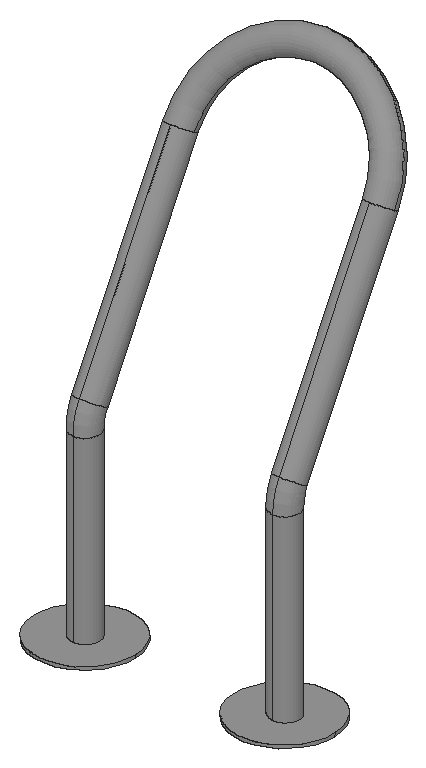
Revit family "11122 Велопарковка «Яуза» 4.1 одноместная Хоббика", category Антураж, Revit 2018
Family settings
  На основе рабочей плоскости = Нет
  Всегда вертикально = Да
  При загрузке вырезать с полостями = Нет
  Источник визуального образа = Геометрия семейства
  Общий = Нет
  Точка расчета площади = Нет
Parameters (values of type "Велопарковка «Яуза» 4.1 одноместная")
  Ширина = 395 mm  # constant formula
  Цвет каркаса = Сталь
  Описание = "Велопарковка «Яуза» 4.1 одноместная"  # constant formula
  Материал изделия = "Сталь"  # constant formula
  Изображение типоразмера = Велопарковка «Яуза» 4.1 одноместная Арт 11122.jpeg
  Изготовитель = "ООО «Хоббика»"  # constant formula
  Длина = 500 mm  # constant formula
  Группа модели = "Велопарковки"  # constant formula
  Высота = 850 mm  # constant formula
  Артикул товара = "Арт. 11122"  # constant formula
  URL = "https://hobbyka.ru/product/veloparkovka_yauza_41_odnomestnaya/"
Reference planes
  plane 1 "По центру (Вперед/Назад)": y = 0
  plane 2: z = 0
  plane 3 "По центру (Влево/Вправо)": x = 0
  plane 4: y = 395
  plane 5: x = 500
  plane 6: z = 850
Forms (mm)
  Sweep 1, solid, material "Сталь" <- "Цвет каркаса"
    path origin (0, 0, 0) x (0, 1, 0) y (0, 0, 1)
      loop
        line (261.551, 686.895) -> (73.397, 361.003)
        arc (73.397, 361.003) -> (63.407, 336.885) -> (60, 311.003) r 100
        line (60, 311.003) -> (60, 0)
    profile origin (0, 60, 155.501) x (0, -1, 0) y (1, 0, 0)
      loop
        circle (-24, 84) r 24
      loop
        circle (-24, 416) r 24
  Sweep 2, solid, material "Сталь" <- "Цвет каркаса"
    path origin (0, -294.959, 246.094) x (1, 0, 0) y (0, 0.5, 0.866025)
      loop
        arc (60, 660) -> (250, 850) -> (440, 660) r 190
    profile origin (250, 130.041, 982.215) x (0, 0.5, 0.866025) y (0, -0.866025, 0.5)
      loop
        circle (-24, -285.551) r 24
  Extrusion 3, solid, material "Сталь" <- "Цвет каркаса"
    sketch origin (0, 0, 0) x (1, 0, 0) y (0, 1, 0)
      loop
        circle (84, 84) r 84
      loop
        circle (84, 84) r 24
      loop
        circle (416, 84) r 84
      loop
        circle (416, 84) r 24
    from 0 to 5
Cuts and joins
  joined: Sweep 1, Sweep 2
Dimensions and locks
  "Ширина": plane 4 to plane 1 "По центру (Вперед/Назад)"
  "Длина": plane 5 to plane 3 "По центру (Влево/Вправо)"
  "Высота": plane 6 to plane 2
  aligned and locked: level to plane 2
Automatic sketch dimensions
  profile plane to Sweep 1 sketch curve = 24 mm  (x2)
  plane 3 "По центру (Влево/Вправо)" to Sweep 1 sketch curve = 84 mm
  Sweep 1 sketch curve to Sweep 1 sketch curve = 332 mm
  plane 3 "По центру (Влево/Вправо)" to Sweep 2 sketch curve = 250 mm
  plane 3 "По центру (Влево/Вправо)" to Sweep 2 sketch curve = 60 mm
  profile plane to Sweep 2 sketch curve = 24 mm
  Sweep 2 sketch curve to profile plane = 285.551 mm
  Extrusion 3 sketch curve to Extrusion 3 sketch curve = 0 mm  (x4)
  plane 3 "По центру (Влево/Вправо)" to Extrusion 3 sketch curve = 84 mm
  plane 5 to Extrusion 3 sketch curve = 84 mm
  Extrusion 3 sketch curve to plane 1 "По центру (Вперед/Назад)" = 84 mm  (x2)
  Sweep 1 sketch curve to level = 0 mm
  Sweep 1 sketch curve to plane 1 "По центру (Вперед/Назад)" = 60 mm
  Sweep 1 sketch curve to Sweep 1 sketch curve = 13.397 mm
  Sweep 1 sketch curve to Sweep 1 sketch curve = 86.603 mm
  level to Sweep 1 sketch curve = 311.003 mm
  Sweep 1 sketch curve to plane 4 = 133.449 mm
  Sweep 1 sketch curve to plane 6 = 163.105 mm
  radius of Sweep 1 sketch curve = 24 mm  (x2)
  radius of Sweep 2 sketch curve = 24 mm
  radius of Extrusion 3 sketch curve = 84 mm  (x2)
  radius of Extrusion 3 sketch curve = 24 mm  (x2)
